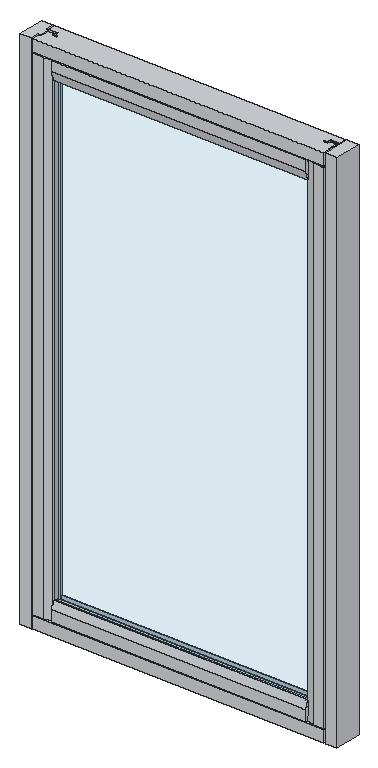
Revit family "ProTilt® High Performance AW-CA Window-SG & DG", category Windows, host Wall, Revit 2021
Family settings
  Host = Wall
  OmniClass Number = 23.30.20.00
  OmniClass Title = Windows
  Always vertical = Yes
  Cut with Voids When Loaded = No
  Shared = No
  Room Calculation Point = No
Parameters (values of type "ASW100 MITRED ADAPTOR")
  YEAR = "2022"  # constant formula
  Width = 0.000 mm  # constant formula
  URL = "WWW.ALSPEC.COM.AU"
  TOLERANCE = 0.000 mm  # constant formula
  Single Glazing Thickness [instance] = 5.000 mm
  Single Glazed [instance] = not(Double Glazed)  # no
  Sash Material [instance] = none
  Rough Width = 0.000 mm  # constant formula
  Rough Height = 0.000 mm  # constant formula
  Overall Width [instance] = 1200.000 mm
  Overall Height [instance] = 2000.000 mm
  Opening- Right [instance] = yes
  Opening- Left [instance] = yes
  Opening- Down [instance] = yes
  Offset [instance] = 10.000 mm
  Model = "ProTilt® High Performance Awning/Casement Window-SG & DG "  # constant formula
  Manufacturer = "ALSPEC"
  Height = 0.000 mm  # constant formula
  Glazing Material [instance] = Glass
  Frame material [instance] = none
  Ext Frame Width = 49.400 mm  # constant formula
  Double Glazing Thickness [instance] = 18.000 mm
  Double Glazed [instance] = yes
  Define Thermal Properties by = Schematic Type
  Default Sill Height [instance] = 900.000 mm
  Wall Closure = By host
  CREATOR = "Viraj Mhatre"  # constant formula
  COMPANY = "ALSPEC"  # constant formula
  Analytic Construction = "<None>"
Reference planes
  plane 1 "Center (Front/Back)": y = 0
  plane 2 "Center (Left/Right)": x = 0
  plane 3 "Left": x = -600
  plane 4 "Right": x = 600
  plane 5 "Sill": z = 900
  plane 6 "Head": z = 2900
  plane 7 "Exterior": y = 100
  plane 8 "Interior": y = -100
  plane 9: y = 90
  plane 10: z = 900
  plane 11: z = 949.4
  plane 12: y = -11.6
  plane 13 "FRAME CENTRE": y = 42
  plane 14: y = 72.8
  plane 15: z = 2900
  plane 16: x = -550.6
  plane 17: x = 550.6
  plane 18: y = 38.4
  plane 19: z = 2850.6
  plane 20: y = 14.9
  plane 21: z = 1900
  plane 22: y = 6.1
Forms (mm)
  Extrusion 1, solid, material <- "Frame material", visible <- "Double Glazed"
    sketch origin (-172.583, 264.351, 2900) x (0, 1, 0) y (-1, 0, 0)
      loop
        line (-275.951, -772.583) -> (-174.351, -772.583) -> (-174.351, -728.183) -> (-201.921, -728.183) -> (-201.921, -687.685) -> (-220.321, -687.685) -> (-220.321, -677.685) -> (-221.921, -677.685) -> (-221.921, -692.685) -> (-210.921, -692.685) -> (-210.921, -718.183) -> (-245.801, -718.183) -> (-245.801, -728.183) -> (-275.951, -728.183) -> (-275.951, -772.583)
      loop
        line (-275.951, 427.417) -> (-275.951, 383.017) -> (-245.801, 383.017) -> (-245.801, 373.017) -> (-210.921, 373.017) -> (-210.921, 347.519) -> (-221.921, 347.519) -> (-221.921, 332.52) -> (-220.321, 332.52) -> (-220.321, 342.52) -> (-201.921, 342.52) -> (-201.921, 383.017) -> (-174.351, 383.017) -> (-174.351, 427.417) -> (-275.951, 427.417)
    from -2000 to 0
  Extrusion 2, solid, material <- "Frame material", visible <- "Double Glazed"
    sketch origin (-600, 0, 0) x (0, -1, 0) y (0, 0, 1)
      loop
        line (-62.43, 2855.6) -> (-62.43, 2815.103) -> (-44.03, 2815.103) -> (-44.03, 2805.103) -> (-42.43, 2805.103) -> (-42.43, 2820.102) -> (-53.43, 2820.102) -> (-53.43, 2845.6) -> (-18.55, 2845.6) -> (-18.55, 2855.6) -> (11.6, 2855.6) -> (11.6, 2900) -> (-90, 2900) -> (-90, 2855.6) -> (-62.43, 2855.6)
      loop
        line (11.6, 900) -> (11.6, 944.4) -> (-18.55, 944.4) -> (-18.55, 954.4) -> (-53.43, 954.4) -> (-53.43, 983.297) -> (-42.43, 983.297) -> (-42.43, 994.897) -> (-44.03, 994.897) -> (-44.03, 984.897) -> (-62.43, 984.897) -> (-62.43, 944.4) -> (-90, 944.4) -> (-90, 900) -> (11.6, 900)
    from -1150.6 to -49.4
  Extrusion 3, solid, material <- "Frame material", visible <- "Single Glazed"
    sketch origin (-172.583, 264.351, 2900) x (0, 1, 0) y (-1, 0, 0)
      loop
        line (-174.351, 427.417) -> (-275.951, 427.417) -> (-275.951, 383.017) -> (-245.801, 383.017) -> (-245.801, 373.017) -> (-210.921, 373.017) -> (-210.921, 344.12) -> (-221.921, 344.12) -> (-221.921, 332.52) -> (-220.321, 332.52) -> (-220.321, 342.52) -> (-201.921, 342.52) -> (-201.921, 383.017) -> (-174.351, 383.017) -> (-174.351, 427.417)
      loop
        line (-174.351, -772.583) -> (-174.351, -728.183) -> (-201.921, -728.183) -> (-201.921, -687.685) -> (-220.321, -687.685) -> (-220.321, -677.685) -> (-221.921, -677.685) -> (-221.921, -689.285) -> (-210.921, -689.285) -> (-210.921, -718.183) -> (-245.801, -718.183) -> (-245.801, -728.183) -> (-275.951, -728.183) -> (-275.951, -772.583) -> (-174.351, -772.583)
    from -2000 to 0
  Extrusion 4, solid, material <- "Frame material", visible <- "Single Glazed"
    sketch origin (-600, 0, 0) x (0, -1, 0) y (0, 0, 1)
      loop
        line (11.6, 900) -> (11.6, 944.4) -> (-18.55, 944.4) -> (-18.55, 954.4) -> (-53.43, 954.4) -> (-53.43, 983.297) -> (-42.43, 983.297) -> (-42.43, 994.897) -> (-44.03, 994.897) -> (-44.03, 984.897) -> (-62.43, 984.897) -> (-62.43, 944.4) -> (-90, 944.4) -> (-90, 900) -> (11.6, 900)
      loop
        line (-90, 2855.6) -> (-62.43, 2855.6) -> (-62.43, 2815.103) -> (-44.03, 2815.103) -> (-44.03, 2805.103) -> (-42.43, 2805.103) -> (-42.43, 2820.102) -> (-53.43, 2820.102) -> (-53.43, 2845.6) -> (-18.55, 2845.6) -> (-18.55, 2855.6) -> (11.6, 2855.6) -> (11.6, 2900) -> (-90, 2900) -> (-90, 2855.6)
    from -1150.6 to -49.4
Lines and regions (mm)
  Opening 1
    outline origin (3500, -100, 0) x (1, 0, 0) y (0, 0, 1)
      loop
        line (-2900, 900) -> (-2900, 2900) -> (-4100, 2900) -> (-4100, 900) -> (-2900, 900)
  Masking region 1
    outline origin (-172.583, 264.351, 2900) x (0, 1, 0) y (-1, 0, 0)
      loop
        line (-275.951, 427.417) -> (-275.951, 383.017) -> (-245.801, 383.017) -> (-245.801, 373.017) -> (-210.921, 373.017) -> (-210.921, 347.519) -> (-221.921, 347.519) -> (-221.921, 332.52) -> (-220.321, 332.52) -> (-220.321, 342.52) -> (-201.921, 342.52) -> (-201.921, 383.017) -> (-174.351, 383.017) -> (-174.351, 427.417) -> (-275.951, 427.417)
      loop
        line (-275.951, -772.583) -> (-174.351, -772.583) -> (-174.351, -728.183) -> (-201.921, -728.183) -> (-201.921, -687.685) -> (-220.321, -687.685) -> (-220.321, -677.685) -> (-221.921, -677.685) -> (-221.921, -692.685) -> (-210.921, -692.685) -> (-210.921, -718.183) -> (-245.801, -718.183) -> (-245.801, -728.183) -> (-275.951, -728.183) -> (-275.951, -772.583)
  Masking region 2
    outline origin (-600, 0, 0) x (0, -1, 0) y (0, 0, 1)
      loop
        line (-62.43, 2815.103) -> (-44.03, 2815.103) -> (-44.03, 2805.103) -> (-42.43, 2805.103) -> (-42.43, 2820.102) -> (-53.43, 2820.102) -> (-53.43, 2845.6) -> (-18.55, 2845.6) -> (-18.55, 2855.6) -> (11.6, 2855.6) -> (11.6, 2900) -> (-90, 2900) -> (-90, 2855.6) -> (-62.43, 2855.6) -> (-62.43, 2815.103)
      loop
        line (11.6, 900) -> (11.6, 944.4) -> (-18.55, 944.4) -> (-18.55, 954.4) -> (-53.43, 954.4) -> (-53.43, 983.297) -> (-42.43, 983.297) -> (-42.43, 994.897) -> (-44.03, 994.897) -> (-44.03, 984.897) -> (-62.43, 984.897) -> (-62.43, 944.4) -> (-90, 944.4) -> (-90, 900) -> (11.6, 900)
  Masking region 3
    outline origin (-172.583, 264.351, 2900) x (0, 1, 0) y (-1, 0, 0)
      loop
        line (-245.801, 383.017) -> (-245.801, 373.017) -> (-210.921, 373.017) -> (-210.921, 344.12) -> (-221.921, 344.12) -> (-221.921, 332.52) -> (-220.321, 332.52) -> (-220.321, 342.52) -> (-201.921, 342.52) -> (-201.921, 383.017) -> (-174.351, 383.017) -> (-174.351, 427.417) -> (-275.951, 427.417) -> (-275.951, 383.017) -> (-245.801, 383.017)
      loop
        line (-275.951, -728.183) -> (-275.951, -772.583) -> (-174.351, -772.583) -> (-174.351, -728.183) -> (-201.921, -728.183) -> (-201.921, -687.685) -> (-220.321, -687.685) -> (-220.321, -677.685) -> (-221.921, -677.685) -> (-221.921, -689.285) -> (-210.921, -689.285) -> (-210.921, -718.183) -> (-245.801, -718.183) -> (-245.801, -728.183) -> (-275.951, -728.183)
  Masking region 4
    outline origin (-600, 0, 0) x (0, -1, 0) y (0, 0, 1)
      loop
        line (387.885, 2855.6) -> (387.885, 2900) -> (286.285, 2900) -> (286.285, 2855.6) -> (313.855, 2855.6) -> (313.855, 2815.103) -> (332.255, 2815.103) -> (332.255, 2805.103) -> (333.855, 2805.103) -> (333.855, 2816.703) -> (322.855, 2816.703) -> (322.855, 2845.6) -> (357.735, 2845.6) -> (357.735, 2855.6) -> (387.885, 2855.6)
      loop
        line (11.6, 900) -> (11.6, 944.4) -> (-18.55, 944.4) -> (-18.55, 954.4) -> (-53.43, 954.4) -> (-53.43, 983.297) -> (-42.43, 983.297) -> (-42.43, 994.897) -> (-44.03, 994.897) -> (-44.03, 984.897) -> (-62.43, 984.897) -> (-62.43, 944.4) -> (-90, 944.4) -> (-90, 900) -> (11.6, 900)
  symbolic lines, visible <- "Opening- Down"
    curve 1: line (580.853, 90, 2793.353) -> (0, 90, 1019.1)
    curve 2: line (-580.853, 90, 2793.353) -> (0, 90, 1019.1)
  symbolic lines, visible <- "Opening- Left"
    curve 3: line (-550.6, 90, 2900) -> (600, 90, 1900)
    curve 4: line (600, 90, 1900) -> (-550.6, 90, 900)
  symbolic lines, visible <- "Opening- Right"
    curve 5: line (550.6, 90, 2900) -> (-600, 90, 1900)
    curve 6: line (-600, 90, 1900) -> (550.6, 90, 900)
Text (mm)
  text "EXTERIOR" at (-1963.203, 976.104, 0), in view "Ref. Level"
  text "INTERIOR" at (-1981.466, -1062.665, 0), in view "Ref. Level"
  text "Exterior" at (0, 923.751, 2943.296), in view "Right"
  text "Exterior" at (0, 1040.484, 2685.409), in view "Left"
Dimensions and locks
  "Default Sill Height": plane 5 "Sill" to level
  locked: plane 7 "Exterior" to host wall
  locked: plane 8 "Interior" to host wall
  "Offset": plane 9 to plane 7 "Exterior"
  locked: plane 9 to plane 12 at 101.6
  locked: plane 9 to plane 14 at 17.2
  "TOLERANCE": plane 5 "Sill" to plane 10
  "Overall Height": plane 6 "Head" to plane 10
  equal spacing: plane 3 "Left", plane 2 "Center (Left/Right)", plane 4 "Right"
  "Overall Width": plane 3 "Left" to plane 4 "Right"
  "Ext Frame Width": plane 3 "Left" to plane 16
  "Ext Frame Width": plane 17 to plane 4 "Right"
  locked: plane 9 to plane 18 at 51.6
  locked: plane 19 to plane 6 "Head" at 49.4
  locked: plane 11 to plane 10 at 49.4
  locked: plane 9 to plane 20 at 75.1
  equal spacing: plane 5 "Sill", plane 21, plane 15
  locked: plane 9 to plane 22 at 83.9
  aligned and locked: plane 15 to plane 6 "Head"
  aligned and locked: plane 16 to nested 1
  aligned and locked: plane 17 to nested 2
  aligned and locked: nested 1 to plane 18
  aligned and locked: plane 18 to nested 2
  aligned and locked: Masking region 1 sketch curve to nested 1  (x14)
  aligned and locked: Masking region 1 sketch curve to nested 2  (x14)
  aligned and locked: Extrusion 1 sketch curve to nested 2  (x14)
  aligned and locked: Extrusion 1 sketch curve to nested 1  (x14)
  aligned and locked: Extrusion 1 to plane 6 "Head"
  aligned and locked: plane 5 "Sill" to Extrusion 1
  aligned and locked: Extrusion 2 to plane 16
  aligned and locked: plane 17 to Extrusion 2
  aligned and locked: nested 3 to plane 20
  aligned and locked: nested 4 to plane 6 "Head"
  aligned and locked: nested 4 to plane 18
  aligned and locked: Extrusion 2 sketch curve to nested 4  (x14)
  aligned and locked: Masking region 2 sketch curve to Extrusion 2  (x14)
  aligned and locked: plane 10 to nested 5
  aligned and locked: nested 5 to plane 18
  aligned and locked: Masking region 2 sketch curve to nested 5  (x13)
  aligned and locked: nested 5 to Masking region 2 sketch curve
  aligned and locked: Extrusion 2 sketch curve to nested 5  (x13)
  aligned and locked: nested 5 to Extrusion 2 sketch curve
  aligned and locked: plane 16 to nested 3
  aligned and locked: plane 17 to nested 3
  aligned and locked: plane 19 to nested 3
  aligned and locked: plane 11 to nested 3
  aligned and locked: plane 16 to nested 6
  aligned and locked: plane 17 to nested 7
  aligned and locked: Extrusion 3 sketch curve to nested 6  (x13)
  aligned and locked: nested 6 to Extrusion 3 sketch curve
  aligned and locked: Extrusion 3 to plane 6 "Head"
  aligned and locked: plane 5 "Sill" to Extrusion 3
  aligned and locked: nested 6 to Masking region 3 sketch curve
  aligned and locked: Masking region 3 sketch curve to nested 6  (x13)
  aligned and locked: Masking region 3 sketch curve to nested 7  (x13)
  aligned and locked: nested 7 to Masking region 3 sketch curve
  aligned and locked: Extrusion 3 sketch curve to nested 7  (x13)
  aligned and locked: nested 9 to plane 6 "Head"
  aligned and locked: plane 10 to nested 8
  aligned and locked: Masking region 4 sketch curve to nested 9  (x5)
  aligned and locked: nested 9 to Masking region 4 sketch curve  (x2)
  aligned and locked: Masking region 4 sketch curve to nested 8  (x13)
  aligned and locked: nested 8 to Masking region 4 sketch curve
  aligned and locked: Extrusion 4 sketch curve to nested 8  (x13)
  aligned and locked: nested 8 to Extrusion 4 sketch curve
  aligned and locked: plane 17 to Extrusion 4
  aligned and locked: Extrusion 4 to plane 16
  aligned and locked: plane 18 to nested 7
  aligned and locked: nested 6 to plane 18
  aligned and locked: nested 8 to plane 18
  aligned and locked: nested 9 to plane 18
  aligned and locked: Extrusion 4 sketch curve to Masking region 2  (x14)
  aligned and locked: plane 16 to nested 10
  aligned and locked: plane 17 to nested 10
  aligned and locked: nested 10 to plane 22
  aligned and locked: plane 19 to nested 10
  aligned and locked: plane 11 to nested 10
Automatic sketch dimensions
  plane 3 "Left" to Opening 1 sketch curve = 0.000 mm
  Opening 1 sketch curve to plane 4 "Right" = 0.000 mm
  Opening 1 sketch curve to plane 5 "Sill" = 0.000 mm
  Opening 1 sketch curve to plane 6 "Head" = 0.000 mm
  plane 4 "Right" to curve 3 = 0.000 mm
  curve 5 to plane 6 "Head" = 0.000 mm
  curve 5 to plane 17 = 0.000 mm
  curve 6 to plane 5 "Sill" = 0.000 mm
  curve 6 to plane 17 = 0.000 mm
  plane 2 "Center (Left/Right)" to curve 2 = 0.000 mm
  curve 3 to plane 6 "Head" = 0.000 mm
  curve 3 to plane 16 = 0.000 mm
  curve 4 to plane 5 "Sill" = 0.000 mm
  curve 4 to plane 16 = 0.000 mm
  plane 3 "Left" to curve 6 = 0.000 mm
  curve 3 to plane 21 = 0.000 mm
  curve 6 to plane 21 = 0.000 mm
  plane 11 to curve 2 = 69.700 mm
  plane 4 "Right" to curve 1 = 19.147 mm
  curve 2 to plane 3 "Left" = 19.147 mm
  curve 2 to plane 19 = 57.247 mm
  curve 1 to plane 19 = 57.247 mm
  plane 17 to Extrusion 3 sketch curve = 5.000 mm
  plane 6 "Head" to Masking region 4 sketch curve = 0.000 mm
  Masking region 4 sketch curve to plane 12 = 274.685 mm
  plane 19 to Masking region 4 sketch curve = 5.000 mm  (x2)
  Masking region 4 sketch curve to Masking region 4 sketch curve = 27.570 mm
  Masking region 4 sketch curve to Masking region 4 sketch curve = 9.000 mm
  Masking region 4 sketch curve to Masking region 4 sketch curve = 9.400 mm
  Masking region 4 sketch curve to Masking region 4 sketch curve = 1.600 mm  (x2)
  Masking region 4 sketch curve to plane 19 = 5.000 mm
  Masking region 4 sketch curve to Masking region 4 sketch curve = 34.880 mm
  Masking region 4 sketch curve to Masking region 4 sketch curve = 30.150 mm
  Masking region 4 sketch curve to Masking region 4 sketch curve = 28.897 mm
  Masking region 4 sketch curve to Masking region 4 sketch curve = 10.000 mm
Nested families
  nested 1: "DG Ext Frame AS91C" at (-550.6, 38.4, 2900), type "DG Ext Frame AS91C", detail levels fine
  nested 2: "DG Ext Frame AS91C" at (550.6, 38.4, 2900) x (-1, 0, 0) z (0, 0, 1), type "DG Ext Frame AS91C", detail levels fine
  nested 3: "Sliding Panel DG" at (0, 14.9, 949.4), visible <- "Double Glazed", Double Glazing Thickness <- "Double Glazing Thickness", Glazing Material <- "Glazing Material", Sash Material <- "Sash Material", type "SLIDING_GLAZED PANEL"
    with Thickness Control 24.000 mm, Sash Material none, Panel Width 1101.200 mm, Panel Height 1901.200 mm, Glazing Material Glass, Double Glazing Thickness 18.000 mm, Air Pocket 8.000 mm
  nested 4: "DG Ext Head AS91C" at (-600, 38.4, 2900) x (0, 1, 0) z (-1, 0, 0), type "DG Ext Head AS91C", detail levels fine
  nested 5: "DG Ext Sill AS91C" at (-600, 38.4, 900) x (0, 1, 0) z (-1, 0, 0), type "DG Ext Sill AS91C", detail levels fine
  nested 6: "SG Ext Frame AS24" at (-550.6, 38.4, 2900), type "SG Ext Frame AS24", detail levels fine
  nested 7: "SG Ext Frame AS24" at (550.6, 38.4, 2900) x (-1, 0, 0) z (0, 0, 1), type "SG Ext Frame AS24", detail levels fine
  nested 8: "SG Ext Sill AS24" at (-600, 38.4, 900) x (0, 1, 0) z (-1, 0, 0), type "SG Ext Sill AS24", detail levels fine
  nested 9: "SG Ext Head AS24" at (-600, 38.4, 2900) x (0, 1, 0) z (-1, 0, 0), type "SG Ext Head AS24", detail levels fine
  nested 10: "Sliding Panel SG" at (0, 6.1, 949.4), visible <- "Single Glazed", Single Glazing Thickness <- "Single Glazing Thickness", Glazing Material <- "Glazing Material", Sash Material <- "Sash Material", type "SLIDING_GLAZED PANEL"
    with Thickness Control 5.000 mm, Single Glazing Thickness 5.000 mm, Sash Material none, Panel Width 1101.200 mm, Panel Height 1901.200 mm, Glazing Material Glass, Air Pocket 8.000 mm
Definition of nested family "Sliding Panel DG"
  Parameters (values of type "SLIDING_GLAZED PANEL")
    YEAR = "2022"  # constant formula
    Width = 0.000 mm  # constant formula
    Thickness Control [instance] = if(Double Glazing Thickness > 28.000 mm, 28.000 mm, if(Double Glazing Thickness < 24.000 mm, 24.000 mm, Double Glazing Thickness))  # 27.000 mm
    Thickness = 0.000 mm  # constant formula
    TODAYS DATE = "01/06/2022"  # constant formula
    Sash Material [instance] = none
    Rough Width = 0.000 mm  # constant formula
    Rough Height = 0.000 mm  # constant formula
    Panel Width [instance] = 1400.000 mm
    Panel Height [instance] = 2200.000 mm
    JAMP WIDTH = 69.700 mm  # constant formula
    Height = 0.000 mm  # constant formula
    HEAD_JAMP HEIGHT = 69.700 mm  # constant formula
    Glazing Material [instance] = none
    Double Glazing Thickness [instance] = 27.000 mm
    Define Thermal Properties by = 1
    Default Elevation = 1219.200 mm
    CREATOR = "Viraj Mhatre"  # constant formula
    COMPANY = "ALSPEC"  # constant formula
    BOTTOM_JAMP HEIGHT = 69.700 mm  # constant formula
    Analytic Construction = "<None>"
    Air Pocket [instance] = 8.000 mm  # constant formula
  Reference planes
    plane 1 "Center (Front/Back)": y = 0
    plane 2: z = 0
    plane 3 "Center (Left/Right)": x = 0
    plane 4: x = -700
    plane 5: x = 700
    plane 6: x = -642.3
    plane 7: x = 642.3
    plane 8: z = 2200
    plane 9: z = 2130.353
    plane 10: z = 69.647
    plane 11: z = 1100
    plane 12: x = -630.3
    plane 13: x = 630.3
    plane 14: z = 57.65
    plane 15: z = 2142.35
    plane 16: y = 4
    plane 17: y = 13.5
    plane 18: y = -4
    plane 19: y = -13.5
  Forms (mm)
    Extrusion 1, solid, material <- "Sash Material"
      sketch origin (0, 0, 0) x (1, 0, 0) y (0, 1, 0)
        loop
          line (699.947, -26.5) -> (699.947, -19.54) -> (689.067, -19.54) -> (689.067, -1.35) -> (667.247, -1.35) -> (667.247, 23.5) -> (630.298, 23.5) -> (630.298, 18.956) -> (642.297, 18.956) -> (642.297, -14.869) -> (630.3, -14.869) -> (630.3, -18.502) -> (660.149, -26.5) -> (699.947, -26.5)
        loop
          line (-699.947, -26.5) -> (-660.149, -26.5) -> (-630.3, -18.502) -> (-630.3, -14.869) -> (-642.297, -14.869) -> (-642.297, 18.956) -> (-630.298, 18.956) -> (-630.298, 23.5) -> (-667.247, 23.5) -> (-667.247, -1.35) -> (-689.067, -1.35) -> (-689.067, -19.54) -> (-699.947, -19.54) -> (-699.947, -26.5)
      from 0 to 2200
    Extrusion 2, solid
      sketch origin (0, 0, 0) x (0, 1, 0) y (0, 0, 1)
        loop
          line (-26.5, 2200) -> (-26.5, 2160.202) -> (-18.502, 2130.353) -> (-14.902, 2130.353) -> (-14.902, 2142.35) -> (19.068, 2142.35) -> (19.068, 2130.351) -> (23.5, 2130.351) -> (23.5, 2167.303) -> (-1.35, 2167.303) -> (-1.35, 2189.12) -> (-19.54, 2189.12) -> (-19.54, 2200) -> (-26.5, 2200)
        loop
          line (-26.5, 0) -> (-19.54, 0) -> (-19.54, 10.88) -> (-1.35, 10.88) -> (-1.35, 32.697) -> (23.5, 32.697) -> (23.5, 69.649) -> (19.068, 69.649) -> (19.068, 57.65) -> (-14.902, 57.65) -> (-14.902, 69.647) -> (-18.502, 69.647) -> (-26.5, 39.798) -> (-26.5, 0)
      from -630.3 to 630.3
    Extrusion 3, solid, material <- "Glazing Material"
      sketch origin (0, 0, 0) x (1, 0, 0) y (0, 1, 0)
        loop
          line (-642.3, 13.5) -> (-642.3, 4) -> (642.3, 4) -> (642.3, 13.5) -> (-642.3, 13.5)
        loop
          line (-642.3, -4) -> (-642.3, -13.5) -> (642.3, -13.5) -> (642.3, -4) -> (-642.3, -4)
      from 57.65 to 2142.35
  Lines and regions (mm)
    Masking region 1
      outline origin (0, 0, 0) x (1, 0, 0) y (0, 1, 0)
        loop
          line (-699.947, -26.5) -> (-660.149, -26.5) -> (-630.3, -18.502) -> (-630.3, -14.869) -> (-642.297, -14.869) -> (-642.297, 18.956) -> (-630.298, 18.956) -> (-630.298, 23.5) -> (-667.247, 23.5) -> (-667.247, -1.35) -> (-689.067, -1.35) -> (-689.067, -19.54) -> (-699.947, -19.54) -> (-699.947, -26.5)
        loop
          line (699.947, -26.5) -> (699.947, -19.54) -> (689.067, -19.54) -> (689.067, -1.35) -> (667.247, -1.35) -> (667.247, 23.5) -> (630.298, 23.5) -> (630.298, 18.956) -> (642.297, 18.956) -> (642.297, -14.869) -> (630.3, -14.869) -> (630.3, -18.502) -> (660.149, -26.5) -> (699.947, -26.5)
    Masking region 2
      outline origin (0, 0, 0) x (0, 1, 0) y (0, 0, 1)
        loop
          line (-26.5, 0) -> (-19.54, 0) -> (-19.54, 10.88) -> (-1.35, 10.88) -> (-1.35, 32.697) -> (23.5, 32.697) -> (23.5, 69.649) -> (19.068, 69.649) -> (19.068, 57.65) -> (-14.902, 57.65) -> (-14.902, 69.647) -> (-18.502, 69.647) -> (-26.5, 39.798) -> (-26.5, 0)
        loop
          line (-26.5, 2160.202) -> (-18.502, 2130.353) -> (-14.902, 2130.353) -> (-14.902, 2142.35) -> (19.068, 2142.35) -> (19.068, 2130.351) -> (23.5, 2130.351) -> (23.5, 2167.303) -> (-1.35, 2167.303) -> (-1.35, 2189.12) -> (-19.54, 2189.12) -> (-19.54, 2200) -> (-26.5, 2200) -> (-26.5, 2160.202)
  Dimensions and locks
    equal spacing: plane 4, plane 3 "Center (Left/Right)", plane 5
    "Panel Width": plane 4 to plane 5
    equal spacing: plane 8, plane 11, plane 2
    "JAMP WIDTH": plane 4 to plane 12
    "JAMP WIDTH": plane 13 to plane 5
    locked: plane 13 to plane 7 at 12
    locked: plane 6 to plane 12 at 12
    locked: plane 10 to plane 14 at 11.997
    locked: plane 14 to level at 57.65
    locked: plane 8 to plane 15 at 57.65
    locked: plane 15 to plane 9 at 11.997
    "Air Pocket": plane 16 to plane 18
    equal spacing: plane 16, plane 1 "Center (Front/Back)", plane 18
    equal spacing: plane 17, plane 1 "Center (Front/Back)", plane 19
    "Thickness Control": plane 17 to plane 19
    "Panel Height": plane 8 to plane 2
    aligned and locked: level to plane 2
    aligned and locked: plane 12 to nested 1
    aligned and locked: plane 1 "Center (Front/Back)" to nested 1
    aligned and locked: plane 13 to nested 2
    aligned and locked: nested 2 to plane 1 "Center (Front/Back)"
    aligned and locked: Masking region 1 sketch curve to nested 1  (x13)
    aligned and locked: Masking region 1 sketch curve to nested 2  (x13)
    aligned and locked: Extrusion 1 sketch curve to nested 2  (x13)
    aligned and locked: Extrusion 1 sketch curve to nested 1  (x13)
    aligned and locked: plane 8 to Extrusion 1
    aligned and locked: Extrusion 1 to level
    aligned and locked: nested 3 to level
    aligned and locked: plane 1 "Center (Front/Back)" to nested 3
    aligned and locked: nested 4 to plane 8
    aligned and locked: nested 4 to plane 1 "Center (Front/Back)"
    aligned and locked: Masking region 2 sketch curve to nested 3  (x13)
    aligned and locked: Masking region 2 sketch curve to nested 4  (x13)
    aligned and locked: Extrusion 2 sketch curve to nested 4  (x13)
    aligned and locked: Extrusion 2 sketch curve to nested 3  (x13)
    aligned and locked: plane 13 to Extrusion 2
    aligned and locked: Extrusion 2 to plane 12
    aligned and locked: plane 17 to Extrusion 3 sketch curve
    aligned and locked: Extrusion 3 sketch curve to plane 16
    aligned and locked: plane 18 to Extrusion 3 sketch curve
    aligned and locked: Extrusion 3 sketch curve to plane 19
    aligned and locked: Extrusion 3 sketch curve to Extrusion 3 sketch curve  (x2)
    aligned and locked: plane 7 to Extrusion 3
    aligned and locked: Extrusion 3 to plane 6
    aligned and locked: Extrusion 3 to plane 14
    aligned and locked: plane 15 to Extrusion 3
  Automatic sketch dimensions
    plane 4 to Extrusion 3 sketch curve = 57.700 mm
    Extrusion 3 sketch curve to Extrusion 3 sketch curve = 1284.600 mm
  Nested families
    nested 1: "DG Int Frame  ASW104 ASW106" at (-699.947, 0, 0), type "DG Int Frame  ASW104 ASW106", detail levels fine
    nested 2: "DG Int Frame  ASW104 ASW106" at (699.947, 0, 0) x (-1, 0, 0) z (0, 0, 1), type "DG Int Frame  ASW104 ASW106", detail levels fine
    nested 3: "DG Int Head & Sill ASW104 ASW106" at (0, 0, 0) x (0, 1, 0) z (1, 0, 0), type "DG Int Head & Sill ASW104 ASW106", detail levels fine
    nested 4: "DG Int Head & Sill ASW104 ASW106" at (0, 0, 2200) x (0, 1, 0) z (1, 0, 0), type "DG Int Head & Sill ASW104 ASW106", detail levels fine
  Definition of nested family "DG Int Frame  ASW104 ASW106"
    Reference planes
      plane 1 "Center (Front/Back)": y = 0
      plane 2: z = 0
      plane 3 "Center (Left/Right)": x = 0
      plane 4: x = 69.647
      plane 5: x = 57.65
    Dimensions and locks
      aligned and locked: import instance to plane 1 "Center (Front/Back)"
      aligned and locked: plane 3 "Center (Left/Right)" to import instance
      aligned and locked: plane 5 to import instance
      aligned and locked: plane 4 to import instance
  Definition of nested family "DG Int Head & Sill ASW104 ASW106"
    Reference planes
      plane 1 "Center (Front/Back)": y = 0
      plane 2: z = 0
      plane 3 "Center (Left/Right)": x = 0
      plane 4: y = -57.65
      plane 5: y = -69.647
    Dimensions and locks
      aligned and locked: plane 1 "Center (Front/Back)" to import instance
      aligned and locked: plane 3 "Center (Left/Right)" to import instance
      aligned and locked: plane 4 to import instance
      aligned and locked: plane 5 to import instance
Definition of nested family "Sliding Panel SG"
  Parameters (values of type "SLIDING_GLAZED PANEL")
    YEAR = "2022"  # constant formula
    Width = 0.000 mm  # constant formula
    Thickness Control [instance] = if(Single Glazing Thickness > 16.000 mm, 16.000 mm, if(Single Glazing Thickness < 4.000 mm, 4.000 mm, Single Glazing Thickness))  # 9.000 mm
    Thickness = 0.000 mm  # constant formula
    TODAYS DATE = "01/06/2022"  # constant formula
    Sash Material [instance] = none
    Rough Width = 0.000 mm  # constant formula
    Rough Height = 0.000 mm  # constant formula
    Panel Width [instance] = 1400.000 mm
    Panel Height [instance] = 2200.000 mm
    JAMP WIDTH = 69.700 mm  # constant formula
    Height = 0.000 mm  # constant formula
    HEAD_JAMP HEIGHT = 69.700 mm  # constant formula
    Glazing Material [instance] = none
    Single Glazing Thickness [instance] = 9.000 mm
    Define Thermal Properties by = 1
    Default Elevation = 1219.200 mm
    CREATOR = "Viraj Mhatre"  # constant formula
    COMPANY = "ALSPEC"  # constant formula
    BOTTOM_JAMP HEIGHT = 69.700 mm  # constant formula
    Analytic Construction = "<None>"
    Air Pocket [instance] = 8.000 mm  # constant formula
  Reference planes
    plane 1 "Center (Front/Back)": y = 0
    plane 2: z = 0
    plane 3 "Center (Left/Right)": x = 0
    plane 4: x = -700
    plane 5: x = 700
    plane 6: x = -642.3
    plane 7: x = 642.3
    plane 8: z = 2200
    plane 9: z = 2130.353
    plane 10: z = 69.647
    plane 11: z = 1100
    plane 12: x = -630.3
    plane 13: x = 630.3
    plane 14: z = 57.65
    plane 15: z = 2142.35
    plane 16: y = 4.5
    plane 17: y = -4.5
  Forms (mm)
    Extrusion 1, solid, material <- "Sash Material"
      sketch origin (0, 0, 0) x (1, 0, 0) y (0, 1, 0)
        loop
          line (-699.95, -17.7) -> (-660.152, -17.7) -> (-630.303, -9.702) -> (-630.303, -6.215) -> (-642.3, -6.215) -> (-642.3, 9.927) -> (-630.3, 9.927) -> (-630.3, 32.3) -> (-667.253, 32.3) -> (-667.253, 7.45) -> (-689.07, 7.45) -> (-689.07, -10.74) -> (-699.95, -10.74) -> (-699.95, -17.7)
        loop
          line (699.95, -17.7) -> (699.95, -10.74) -> (689.07, -10.74) -> (689.07, 7.45) -> (667.253, 7.45) -> (667.253, 32.3) -> (630.3, 32.3) -> (630.3, 9.927) -> (642.3, 9.927) -> (642.3, -6.215) -> (630.303, -6.215) -> (630.303, -9.702) -> (660.152, -17.7) -> (699.95, -17.7)
      from 0 to 2200
    Extrusion 2, solid
      sketch origin (0, 0, 0) x (0, 1, 0) y (0, 0, 1)
        loop
          line (7.45, 10.88) -> (7.45, 32.697) -> (32.3, 32.697) -> (32.3, 69.65) -> (10.034, 69.65) -> (10.034, 57.65) -> (-6.187, 57.65) -> (-6.187, 69.647) -> (-9.702, 69.647) -> (-17.7, 39.798) -> (-17.7, 0) -> (-10.74, 0) -> (-10.74, 10.88) -> (7.45, 10.88)
        loop
          line (32.3, 2167.303) -> (7.45, 2167.303) -> (7.45, 2189.12) -> (-10.74, 2189.12) -> (-10.74, 2200) -> (-17.7, 2200) -> (-17.7, 2160.202) -> (-9.702, 2130.353) -> (-6.187, 2130.353) -> (-6.187, 2142.35) -> (10.034, 2142.35) -> (10.034, 2130.35) -> (32.3, 2130.35) -> (32.3, 2167.303)
      from -630.3 to 630.3
    Extrusion 3, solid, material <- "Glazing Material"
      sketch origin (0, 0, 0) x (1, 0, 0) y (0, 1, 0)
        loop
          line (-642.3, 4.5) -> (-642.3, -4.5) -> (642.3, -4.5) -> (642.3, 4.5) -> (-642.3, 4.5)
      from 57.65 to 2142.35
  Lines and regions (mm)
    Masking region 1
      outline origin (0, 0, 0) x (1, 0, 0) y (0, 1, 0)
        loop
          line (699.95, -17.7) -> (699.95, -10.74) -> (689.07, -10.74) -> (689.07, 7.45) -> (667.253, 7.45) -> (667.253, 32.3) -> (630.3, 32.3) -> (630.3, 9.927) -> (642.3, 9.927) -> (642.3, -6.215) -> (630.303, -6.215) -> (630.303, -9.702) -> (660.152, -17.7) -> (699.95, -17.7)
        loop
          line (-699.95, -17.7) -> (-660.152, -17.7) -> (-630.303, -9.702) -> (-630.303, -6.215) -> (-642.3, -6.215) -> (-642.3, 9.927) -> (-630.3, 9.927) -> (-630.3, 32.3) -> (-667.253, 32.3) -> (-667.253, 7.45) -> (-689.07, 7.45) -> (-689.07, -10.74) -> (-699.95, -10.74) -> (-699.95, -17.7)
    Masking region 2
      outline origin (0, 0, 0) x (0, 1, 0) y (0, 0, 1)
        loop
          line (32.3, 2167.303) -> (7.45, 2167.303) -> (7.45, 2189.12) -> (-10.74, 2189.12) -> (-10.74, 2200) -> (-17.7, 2200) -> (-17.7, 2160.202) -> (-9.702, 2130.353) -> (-6.187, 2130.353) -> (-6.187, 2142.35) -> (10.034, 2142.35) -> (10.034, 2130.35) -> (32.3, 2130.35) -> (32.3, 2167.303)
        loop
          line (32.3, 32.697) -> (32.3, 69.65) -> (10.034, 69.65) -> (10.034, 57.65) -> (-6.187, 57.65) -> (-6.187, 69.647) -> (-9.702, 69.647) -> (-17.7, 39.798) -> (-17.7, 0) -> (-10.74, 0) -> (-10.74, 10.88) -> (7.45, 10.88) -> (7.45, 32.697) -> (32.3, 32.697)
  Dimensions and locks
    equal spacing: plane 4, plane 3 "Center (Left/Right)", plane 5
    "Panel Width": plane 4 to plane 5
    equal spacing: plane 8, plane 11, plane 2
    "JAMP WIDTH": plane 4 to plane 12
    "JAMP WIDTH": plane 13 to plane 5
    locked: plane 13 to plane 7 at 12
    locked: plane 6 to plane 12 at 12
    locked: plane 10 to plane 14 at 11.997
    locked: plane 14 to level at 57.65
    locked: plane 8 to plane 15 at 57.65
    locked: plane 15 to plane 9 at 11.997
    "Panel Height": plane 8 to plane 2
    "Thickness Control": plane 16 to plane 17
    equal spacing: plane 16, plane 1 "Center (Front/Back)", plane 17
    aligned and locked: level to plane 2
    aligned and locked: plane 8 to Extrusion 1
    aligned and locked: Extrusion 1 to level
    aligned and locked: plane 13 to Extrusion 2
    aligned and locked: Extrusion 2 to plane 12
    aligned and locked: plane 12 to nested 1
    aligned and locked: plane 1 "Center (Front/Back)" to nested 1
    aligned and locked: plane 13 to nested 2
    aligned and locked: nested 2 to plane 1 "Center (Front/Back)"
    aligned and locked: Masking region 1 sketch curve to nested 2  (x13)
    aligned and locked: Masking region 1 sketch curve to nested 1  (x13)
    aligned and locked: Extrusion 1 sketch curve to nested 1  (x13)
    aligned and locked: Extrusion 1 sketch curve to nested 2  (x13)
    aligned and locked: plane 8 to nested 3
    aligned and locked: nested 3 to plane 1 "Center (Front/Back)"
    aligned and locked: level to nested 4
    aligned and locked: plane 1 "Center (Front/Back)" to nested 4
    aligned and locked: Masking region 2 sketch curve to nested 3  (x13)
    aligned and locked: Masking region 2 sketch curve to nested 4  (x13)
    aligned and locked: Extrusion 2 sketch curve to nested 4  (x13)
    aligned and locked: Extrusion 2 sketch curve to nested 3  (x13)
    aligned and locked: plane 16 to Extrusion 3 sketch curve
    aligned and locked: Extrusion 3 sketch curve to plane 17
    aligned and locked: Extrusion 3 to plane 6
    aligned and locked: plane 7 to Extrusion 3
    aligned and locked: Extrusion 3 to plane 14
    aligned and locked: plane 15 to Extrusion 3
  Automatic sketch dimensions
    Masking region 1 sketch curve to plane 13 = 0.000 mm
    Masking region 1 sketch curve to plane 7 = 0.000 mm
    plane 13 to Masking region 1 sketch curve = 0.003 mm
    plane 7 to Masking region 1 sketch curve = 17.852 mm
    plane 7 to Masking region 1 sketch curve = 24.953 mm
    Masking region 1 sketch curve to plane 5 = 10.930 mm
    Masking region 1 sketch curve to plane 5 = 0.050 mm
    Masking region 1 sketch curve to plane 6 = 0.000 mm
    Masking region 1 sketch curve to plane 12 = 0.000 mm
    Masking region 1 sketch curve to plane 6 = 17.852 mm
    Masking region 1 sketch curve to plane 6 = 24.953 mm
    plane 4 to Masking region 1 sketch curve = 10.930 mm
    plane 4 to Masking region 1 sketch curve = 0.050 mm
    Masking region 1 sketch curve to plane 12 = 0.003 mm
    Extrusion 1 sketch curve to plane 6 = 0.000 mm
    Extrusion 1 sketch curve to plane 12 = 0.000 mm
    Extrusion 1 sketch curve to plane 6 = 17.852 mm
    Extrusion 1 sketch curve to plane 6 = 24.953 mm
    plane 4 to Extrusion 1 sketch curve = 10.930 mm
    plane 4 to Extrusion 1 sketch curve = 0.050 mm
    Extrusion 1 sketch curve to plane 12 = 0.003 mm
    Extrusion 1 sketch curve to plane 13 = 0.000 mm
    Extrusion 1 sketch curve to plane 7 = 0.000 mm
    plane 13 to Extrusion 1 sketch curve = 0.003 mm
    plane 7 to Extrusion 1 sketch curve = 17.852 mm
    plane 7 to Extrusion 1 sketch curve = 24.953 mm
    Extrusion 1 sketch curve to plane 5 = 10.930 mm
    Extrusion 1 sketch curve to plane 5 = 0.050 mm
    Masking region 2 sketch curve to plane 8 = 0.000 mm
    Masking region 2 sketch curve to plane 15 = 0.000 mm
    Masking region 2 sketch curve to plane 9 = 0.000 mm
    Masking region 2 sketch curve to plane 9 = 0.003 mm
    plane 15 to Masking region 2 sketch curve = 17.852 mm
    plane 15 to Masking region 2 sketch curve = 24.953 mm
    Masking region 2 sketch curve to plane 8 = 10.880 mm
    Masking region 2 sketch curve to level = 0.000 mm
    Masking region 2 sketch curve to plane 10 = 0.000 mm
    Masking region 2 sketch curve to plane 14 = 0.000 mm
    plane 10 to Masking region 2 sketch curve = 0.003 mm
    level to Masking region 2 sketch curve = 10.880 mm
    Masking region 2 sketch curve to plane 14 = 24.953 mm
    Masking region 2 sketch curve to plane 14 = 17.852 mm
    Extrusion 2 sketch curve to level = 0.000 mm
    Extrusion 2 sketch curve to plane 10 = 0.000 mm
    Extrusion 2 sketch curve to plane 14 = 0.000 mm
    plane 10 to Extrusion 2 sketch curve = 0.003 mm
    level to Extrusion 2 sketch curve = 10.880 mm
    Extrusion 2 sketch curve to Extrusion 2 sketch curve = 21.817 mm
    Extrusion 2 sketch curve to plane 14 = 17.852 mm
    Extrusion 2 sketch curve to plane 8 = 0.000 mm
    Extrusion 2 sketch curve to plane 9 = 0.000 mm
    Extrusion 2 sketch curve to plane 15 = 0.000 mm
    Extrusion 2 sketch curve to plane 9 = 0.003 mm
    plane 15 to Extrusion 2 sketch curve = 17.852 mm
    plane 15 to Extrusion 2 sketch curve = 24.953 mm
    Extrusion 2 sketch curve to plane 8 = 10.880 mm
    Masking region 1 sketch curve to Masking region 1 sketch curve = 22.373 mm
    Masking region 1 sketch curve to Masking region 1 sketch curve = 24.850 mm
    Extrusion 1 sketch curve to Extrusion 1 sketch curve = 22.373 mm
    Extrusion 1 sketch curve to Extrusion 1 sketch curve = 24.850 mm
    Masking region 2 sketch curve to Masking region 2 sketch curve = 24.850 mm  (x2)
    Extrusion 2 sketch curve to Extrusion 2 sketch curve = 22.266 mm
    Extrusion 2 sketch curve to Extrusion 2 sketch curve = 24.850 mm
    Masking region 1 sketch curve to Masking region 1 sketch curve = 3.487 mm  (x2)
    Masking region 1 sketch curve to Masking region 1 sketch curve = 6.960 mm  (x2)
    Extrusion 1 sketch curve to Extrusion 1 sketch curve = 3.487 mm  (x2)
    Extrusion 1 sketch curve to Extrusion 1 sketch curve = 6.960 mm  (x2)
    Masking region 2 sketch curve to Masking region 2 sketch curve = 3.515 mm  (x2)
    Masking region 2 sketch curve to Masking region 2 sketch curve = 6.960 mm
    Extrusion 2 sketch curve to Extrusion 2 sketch curve = 3.515 mm  (x2)
    Extrusion 2 sketch curve to Extrusion 2 sketch curve = 6.960 mm
    Masking region 1 sketch curve to plane 1 "Center (Front/Back)" = 7.450 mm  (x2)
    Masking region 1 sketch curve to plane 1 "Center (Front/Back)" = 9.927 mm  (x2)
    Extrusion 1 sketch curve to plane 1 "Center (Front/Back)" = 7.450 mm  (x2)
    Extrusion 1 sketch curve to plane 1 "Center (Front/Back)" = 9.927 mm  (x2)
    Masking region 2 sketch curve to plane 1 "Center (Front/Back)" = 7.450 mm  (x2)
    Masking region 2 sketch curve to plane 1 "Center (Front/Back)" = 10.034 mm  (x2)
    Extrusion 2 sketch curve to plane 1 "Center (Front/Back)" = 7.450 mm  (x2)
    Extrusion 2 sketch curve to plane 1 "Center (Front/Back)" = 10.034 mm  (x2)
    plane 1 "Center (Front/Back)" to Masking region 1 sketch curve = 6.215 mm  (x2)
    plane 1 "Center (Front/Back)" to Masking region 1 sketch curve = 10.740 mm  (x2)
    plane 1 "Center (Front/Back)" to Extrusion 1 sketch curve = 6.215 mm  (x2)
    plane 1 "Center (Front/Back)" to Extrusion 1 sketch curve = 10.740 mm  (x2)
    plane 1 "Center (Front/Back)" to Masking region 2 sketch curve = 6.187 mm  (x2)
    plane 1 "Center (Front/Back)" to Masking region 2 sketch curve = 10.740 mm  (x2)
    plane 1 "Center (Front/Back)" to Masking region 2 sketch curve = 17.700 mm
    plane 1 "Center (Front/Back)" to Extrusion 2 sketch curve = 6.187 mm  (x2)
    plane 1 "Center (Front/Back)" to Extrusion 2 sketch curve = 10.740 mm  (x2)
    plane 1 "Center (Front/Back)" to Extrusion 2 sketch curve = 17.700 mm
    plane 4 to Extrusion 3 sketch curve = 57.700 mm
    Extrusion 3 sketch curve to Extrusion 3 sketch curve = 1284.600 mm
  Nested families
    nested 1: "SG Int Frame  ASW104 ASW53" at (-630.3, 0, 0), type "SG Int Frame  ASW104 ASW53"
    nested 2: "SG Int Frame  ASW104 ASW53" at (630.3, 0, 0) x (-1, 0, 0) z (0, 0, 1), type "SG Int Frame  ASW104 ASW53"
    nested 3: "SG Int Head & Sill ASW104 ASW53" at (0, 0, 2130.353) x (0, 1, 0) z (1, 0, 0), type "SG Int Head & Sill ASW104 ASW53", detail levels fine
    nested 4: "SG Int Head & Sill ASW104 ASW53" at (0, 0, 69.647) x (0, 1, 0) z (1, 0, 0), type "SG Int Head & Sill ASW104 ASW53", detail levels fine
  Definition of nested family "SG Int Frame  ASW104 ASW53"
    Reference planes
      plane 1 "Center (Front/Back)": y = 0
      plane 2: z = 0
      plane 3 "Center (Left/Right)": x = 0
      plane 4: x = -69.65
      plane 5: x = -12
    Dimensions and locks
      aligned and locked: import instance to plane 3 "Center (Left/Right)"
      aligned and locked: plane 1 "Center (Front/Back)" to import instance
      aligned and locked: plane 4 to import instance
      aligned and locked: plane 5 to import instance
  Definition of nested family "SG Int Head & Sill ASW104 ASW53"
    Reference planes
      plane 1 "Center (Front/Back)": y = 0
      plane 2: z = 0
      plane 3 "Center (Left/Right)": x = 0
      plane 4: y = 69.647
      plane 5: y = 11.997
    Dimensions and locks
      aligned and locked: import instance to plane 1 "Center (Front/Back)"
      aligned and locked: plane 3 "Center (Left/Right)" to import instance
      aligned and locked: plane 5 to import instance
      aligned and locked: plane 4 to import instance
Definition of nested family "DG Ext Frame AS91C"
  Reference planes
    plane 1 "Center (Front/Back)": y = 0
    plane 2: z = 0
    plane 3 "Center (Left/Right)": x = 0
    plane 4: y = -23.5
  Dimensions and locks
    aligned and locked: plane 3 "Center (Left/Right)" to import instance
    aligned and locked: import instance to plane 1 "Center (Front/Back)"
    aligned and locked: plane 4 to import instance
Definition of nested family "DG Ext Head AS91C"
  Reference planes
    plane 1 "Center (Front/Back)": y = 0
    plane 2: z = 0
    plane 3 "Center (Left/Right)": x = 0
    plane 4: y = -49.4
    plane 5: x = -23.5
  Dimensions and locks
    aligned and locked: import instance to plane 1 "Center (Front/Back)"
    aligned and locked: plane 3 "Center (Left/Right)" to import instance
    aligned and locked: plane 5 to import instance
    aligned and locked: plane 4 to import instance
Definition of nested family "DG Ext Sill AS91C"
  Reference planes
    plane 1 "Center (Front/Back)": y = 0
    plane 2: z = 0
    plane 3 "Center (Left/Right)": x = 0
    plane 4: x = -23.5
    plane 5: y = 49.4
  Dimensions and locks
    aligned and locked: plane 1 "Center (Front/Back)" to import instance
    aligned and locked: import instance to plane 3 "Center (Left/Right)"
    aligned and locked: plane 5 to import instance
    aligned and locked: plane 4 to import instance
Definition of nested family "SG Ext Frame AS24"
  Reference planes
    plane 1 "Center (Front/Back)": y = 0
    plane 2: z = 0
    plane 3 "Center (Left/Right)": x = 0
    plane 4: x = -49.4
    plane 5: y = -32.3
  Dimensions and locks
    aligned and locked: plane 1 "Center (Front/Back)" to import instance
    aligned and locked: plane 3 "Center (Left/Right)" to import instance
    aligned and locked: plane 4 to import instance
    aligned and locked: plane 5 to import instance
Definition of nested family "SG Ext Sill AS24"
  Reference planes
    plane 1 "Center (Front/Back)": y = 0
    plane 2: z = 0
    plane 3 "Center (Left/Right)": x = 0
    plane 4: x = -32.3
    plane 5: y = 49.4
  Dimensions and locks
    aligned and locked: plane 1 "Center (Front/Back)" to import instance
    aligned and locked: import instance to plane 3 "Center (Left/Right)"
    aligned and locked: plane 4 to import instance
    aligned and locked: plane 5 to import instance
Definition of nested family "SG Ext Head AS24"
  Reference planes
    plane 1 "Center (Front/Back)": y = 0
    plane 2: z = 0
    plane 3 "Center (Left/Right)": x = 0
    plane 4: y = -49.4
    plane 5: x = -32.209
  Dimensions and locks
    aligned and locked: plane 3 "Center (Left/Right)" to import instance
    aligned and locked: import instance to plane 1 "Center (Front/Back)"
    aligned and locked: plane 4 to import instance
    aligned and locked: plane 5 to import instance
